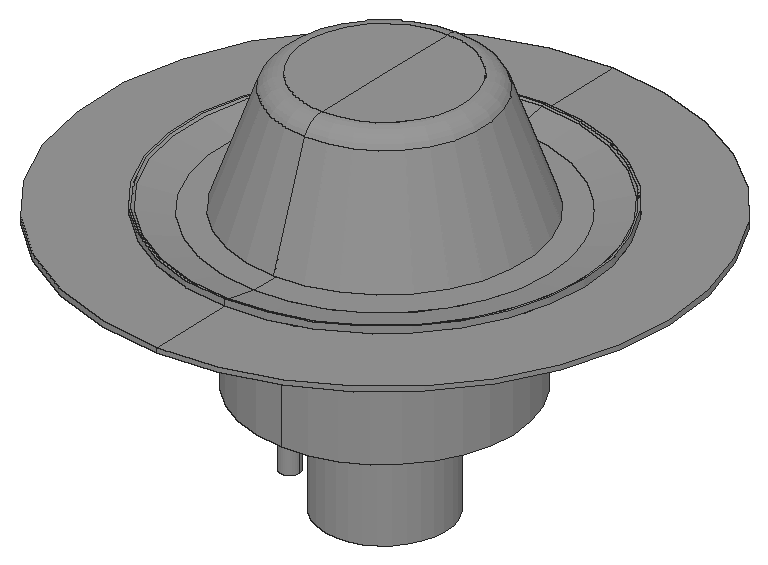
Revit family "HL_RU_Roof drain_HL62.1-B-221103", category Sanitärinstallationen, Revit 2020
Family settings
  Bemaßung runder Anschluss = Durchmesser verwenden
  Teiletyp = Normal
  OmniClass-Nummer = 23.70.50.21.24.14
  OmniClass-Titel = Deck Waste Water Drains
  Arbeitsebenenbasiert = Nein
  Immer vertikal = Ja
  Beim Laden mit Abzugskörper schneiden = Nein
  Gemeinsam genutzt = Nein
  Raumberechnungspunkt = Ja
Parameters (values of type "HL_Кровельная воронка_HL62.1_7")
  РЕШЁТКА = "Laubfangkorb d 145 mm"
  РАЗМЕР = "DN75"
  ПРОПУСКНАЯ СПОСОБНОСТЬ [instance] = 0.0 L/s
  ПРОИЗВОДИТЕЛЬНОСТЬ = "9,9 l/s"
  ПРАВОВАЯ ИНФОРМАЦИЯ = "Авторские права(©), права на дизайн или какие либо другие права интелектуальной собственности являются исключительной собственностью компании HL Hutterer & Lechner. Изменению не подлежит. Файл семейства с данными о прозводителе изделия защищен паролем с водяным знаком."
  НОМИНАЛЬНЫЙ ДИАМЕТР = 75 mm
  МАТЕРИАЛ = "PP"
  ВЫСОТА МОНТАЖА = "100 mm"
  ВЕС = "1,65 [kg]"
  Vorgabe-Ansicht = 0 mm
  Hersteller = "HL Hutterer & Lechner GmbH"  # constant formula
  URL = "http://www.hutterer-lechner.com/ru/products/catalog/roof-drains/HL62.1/7.aspx"
  Материал плитка [instance] = none
  Lüftungsverbindung = no
  Abwasserrohrverbindung = yes
  HW-Verbindung = no
  KW-Verbindung = no
  Beschreibung = "Кровельные воронки"
  Model = "HL62.1_7"
  Assembly Code = " "
  Typenkommentare = "HL62.1/7 Кровельная воронка DN75 с зажимным элементом и подогревом (10_30Вт/230В).,"
  Keynote = "HL62.1_7"
  Bысота монтажа [instance] = 0 mm
  G [instance] = 180.00°  # constant formula
  EAN = "9003076832620"
  D [instance] = 67 mm + Bысота монтажа  # 67 mm
  C [instance] = if(Bысота монтажа - 68 mm < 0 mm, 0 mm, Bысота монтажа - 68 mm)  # 0 mm
  B [instance] = 100 mm  # constant formula
  A [instance] = if(B - 100 mm > 15 mm, B - 100 mm, 15 mm)  # 15 mm
Types (5, lengths in mm): name | РАЗМЕР | ПРОИЗВОДИТЕЛЬНОСТЬ | НОМИНАЛЬНЫЙ ДИАМЕТР | ВЕС | URL | Model | Typenkommentare | Keynote | EAN
  (no name) | "DN75" | "9,9 l/s" | 75 | "1,65 [kg]" | "http://www.hutterer-lechner.com/ru/products/catalog/roof-drains/HL62.1/7.aspx" | "HL62.1_7" | "HL62.1/7 Кровельная воронка DN75 с зажимным элементом и подогревом (10_30Вт/230В).," | "HL62.1_7" | "9003076832620"
  HL_Кровельная воронка_HL62.1_1 | "DN110" | "10,7 l/s" | 110 | "1,63 [kg]" | "http://www.hutterer-lechner.com/ru/products/catalog/roof-drains/HL62.1/1.aspx" | "HL62.1_1" | "HL62.1/1 Кровельная воронка DN110 с зажимным элементом и подогревом (10_30Вт/230В).," | "HL62.1_1" | "9003076802623"
  HL_Кровельная воронка_HL62.1_2 | "DN125" | "14,0 l/s" | 125 | "1,62 [kg]" | "http://www.hutterer-lechner.com/ru/products/catalog/roof-drains/HL62.1/2.aspx" | "HL62.1_2" | "HL62.1/2 Кровельная воронка DN125 с зажимным элементом и подогревом (10_30Вт/230В).," | "HL62.1_2" | "9003076812622"
  HL_Кровельная воронка_HL62.1_5 | "DN160" | "14,1 l/s" | 160 | "1,66 [kg]" | "http://www.hutterer-lechner.com/ru/products/catalog/roof-drains/HL62.1/5.aspx" | "HL62.1_5" | "HL62.1/5 Кровельная воронка DN160 с зажимным элементом и подогревом (10_30Вт/230В).," | "HL62.1_5" | "9003076822621"
  HL_Кровельная воронка_HL62.1_7 | "DN75" | "9,9 l/s" | 75 | "1,65 [kg]" | "http://www.hutterer-lechner.com/ru/products/catalog/roof-drains/HL62.1/7.aspx" | "HL62.1_7" | "HL62.1/7 Кровельная воронка DN75 с зажимным элементом и подогревом (10_30Вт/230В).," | "HL62.1_7" | "9003076832620"
Reference planes
  plane 1 "Center (Front/Back)": y = 0
  plane 2: z = 0
  plane 3 "Center (Left/Right)": x = 0
  plane 4: z = -100
  plane 5: z = 0
Lines and regions (mm)
  model lines, style "InvisibleLines"
    curve 1: line (0, 0, 0) -> (0, 0, 20)
  model lines, style "PlumbingFixtures", detail levels coarse+medium
    curve 2: line (0, 0, -100) -> (0, 0, -85)
    curve 3: line (0, 0, -85) -> (-85, 0, 0)
    curve 4: line (0, 0, -85) -> (85, 0, 0)
    curve 6: line (0, 0, -100) -> (0, 0, -167)
  reference lines, not visible
    curve 5: line (0, 0, -100) -> (0, 0, -167)
  symbolic lines, style "PlumbingFixtures", detail levels coarse+medium
    curve 7: line (-75, 75, 0) -> (75, 75, 0)
    curve 8: line (-75, -75, 0) -> (-75, 75, 0)
    curve 9: line (75, -75, 0) -> (-75, -75, 0)
    curve 10: line (75, 75, 0) -> (75, -75, 0)
    curve 11: line (-75, 75, 0) -> (-145.711, 145.711, 0)
    curve 12: line (75, 75, 0) -> (145.711, 145.711, 0)
    curve 13: line (-75, -75, 0) -> (-145.711, -145.711, 0)
    curve 14: line (75, -75, 0) -> (145.711, -145.711, 0)
  symbolic lines, style "PlumbingFixtures", not visible, detail levels coarse+medium
    curve 15: line (-75, 75, 0) -> (75, 75, 0)
    curve 16: line (-75, -75, 0) -> (-75, 75, 0)
    curve 17: line (75, -75, 0) -> (-75, -75, 0)
    curve 18: line (75, 75, 0) -> (75, -75, 0)
    curve 19: line (-75, 75, 0) -> (-145.711, 145.711, 0)
    curve 20: line (75, 75, 0) -> (145.711, 145.711, 0)
    curve 21: line (-75, -75, 0) -> (-145.711, -145.711, 0)
    curve 22: line (75, -75, 0) -> (145.711, -145.711, 0)
Text (mm)
  text "FLOOR" at (-162.344, 0, -10.979), in view "Drain Construction View"
Dimensions and locks
  "B": plane 2 to plane 4
  "Bысота монтажа": plane 2 to plane 5
  "A": curve 4 to plane 4
  "D": curve 5 to curve 5
  "D": curve 6 to curve 6
  locked: curve 4 to plane 3 "Center (Left/Right)" (angle 45.00°)
  locked: plane 3 "Center (Left/Right)" to curve 3 (angle 45.00°)
  "G": angle curve 5 to plane 3 "Center (Left/Right)"
  aligned and locked: level to plane 2
  aligned and locked: plane 2 to curve 4
  aligned and locked: plane 2 to curve 3
  aligned and locked: plane 4 to curve 5
  aligned and locked: plane 3 "Center (Left/Right)" to curve 5
  aligned and locked: plane 4 to curve 2
  aligned and locked: curve 6 to plane 3 "Center (Left/Right)"
  aligned and locked: curve 6 to plane 4
  aligned and locked: plane 5 to nested 1
  aligned and locked: nested 1 to plane 3 "Center (Left/Right)"
  aligned and locked: plane 2 to nested 2
  aligned and locked: plane 3 "Center (Left/Right)" to nested 2
Automatic sketch dimensions
  curve 2 to plane 3 "Center (Left/Right)" = 0 mm
  curve 1 to plane 3 "Center (Left/Right)" = 0 mm
  curve 1 to level = 0 mm
  level to curve 1 = 20 mm
Nested families
  nested 1: "HL_кровельные воронки - корпус_HL62.1" at (0, 0, 0), НОМИНАЛЬНЫЙ ДИАМЕТР <- "НОМИНАЛЬНЫЙ ДИАМЕТР", type "HL_кровельные воронки - корпус_HL62.1"
    with НОМИНАЛЬНЫЙ ДИАМЕТР 75 mm, OOD 58.75 mm
  nested 2: "HL_Вспомогательные материалы-Противопожарная защита_HL062.1E" at (0, 0, 0), type "HL_Вспомогательные материалы-Противопожарная защита_HL062.1E"
Connectors
  piping at (0, 0, -167), diameter 75, driven by "ПРОПУСКНАЯ СПОСОБНОСТЬ", driven by "НОМИНАЛЬНЫЙ ДИАМЕТР"
    settings: on curve 5, index 1, connector inside diameter 609.6 mm, connector length 0 mm, flow factor 0, pipe flow 0.0 L/s, pressure drop 0.0 Pa, fitting loss kfactor 0, connector angle 0.00°, fixture units 0, engagement length 0 mm, angle of deflection 0.00°, flow configuration 1, flow direction 2, fitting loss method 0, system type 16, joint type 0, gender type 0, connector reference index -1, connector utility 0, adjustable connector yes, is connector primary yes, connector description ""
Definition of nested family "HL_кровельные воронки - корпус_HL62.1"
  Parameters (values of type "HL_кровельные воронки - корпус_HL62.1")
    НОМИНАЛЬНЫЙ ДИАМЕТР [instance] = 160 mm
    Default Elevation = 0 mm
    Manufacturer = ""
    URL = ""
    Description = ""
    OOD [instance] = if((80 mm - НОМИНАЛЬНЫЙ ДИАМЕТР / 2) / 2 + НОМИНАЛЬНЫЙ ДИАМЕТР / 2 > 75 mm, 100 mm, (80 mm - НОМИНАЛЬНЫЙ ДИАМЕТР / 2) / 2 + НОМИНАЛЬНЫЙ ДИАМЕТР / 2)  # 100 mm
    Model = ""
    Type Comments = ""
    Cost = 0
  Reference planes
    plane 1 "Střed (vpředu/vzadu)": y = 0
    plane 2: z = 0
    plane 3 "Střed (vlevo/vpravo)": x = 0
  Forms (mm)
    Revolve 1, solid, detail levels fine
      sketch origin (0, 0, 0) x (0, 1, 0) y (0, 0, 1)
        loop
          line (177, -3) -> (177, 0) -> (124.39, 0) -> (112.255, 0) -> (101.905, -2.2) -> (79.004, -2.2) -> (79.004, -22.024) -> (74.451, -22.024) -> (74.451, -35.37) -> (0, -35.37) -> (0, -97.967) -> (79.982, -97.967) -> (79.982, -31.54) -> (86.489, -31.54) -> (86.489, -28.04) -> (101.489, -28.04) -> (101.489, -13.704) -> (130.898, -3) -> (177, -3)
        axis (0, 0) -> (0, -97.967)
      angle from 0 to 360
    Revolve 2, solid, detail levels fine
      sketch origin (0, 0, 0) x (0, 1, 0) y (0, 0, 1)
        loop
          line (124.39, 0) -> (124.39, 4) -> (123.297, 4) -> (122.033, 3.115) -> (101.733, -1.2) -> (79.004, -1.2) -> (79.004, -2.2) -> (101.905, -2.2) -> (112.255, 0) -> (124.39, 0)
        axis (0, 4) -> (0, -2.2)
      angle from 0 to 360
    Extrusion 3, solid, detail levels fine
      sketch origin (0, 0, 0) x (0.707107, 0.707107, 0) y (-0.707107, 0.707107, 0)
        loop
          circle (0, 0) r 80
      from -167 to -97.967
    Sweep 4, solid, detail levels fine
      path origin (-100, 0, -67.213) x (0, 0, -1) y (1, 0, 0)
        loop
          line (98.966, 0) -> (27.716, 0)
          arc (27.716, 0) -> (15.095, 5.228) -> (9.868, 17.848) r 17.848
          line (9.868, 17.848) -> (9.868, 35)
      profile origin (-100, 0, -130.554) x (-1, 0, 0) y (0, -1, 0)
        loop
          circle (0, 0) r 5.8
  Lines and regions (mm)
    reference lines
      curve 1: line (-100, 0, -67.213) -> (-100, 0, -292.213)
  Dimensions and locks
    "OOD": curve 1 to plane 3 "Střed (vlevo/vpravo)"
    "НОМИНАЛЬНЫЙ ДИАМЕТР": diameter of Extrusion 3 sketch curve
    aligned and locked: level to plane 2
  Automatic sketch dimensions
    Revolve 2 sketch curve to plane 1 "Střed (vpředu/vzadu)" = 0 mm
    level to Revolve 2 sketch curve = 0 mm
    Revolve 2 sketch curve to level = 1.2 mm
    Revolve 2 sketch curve to plane 1 "Střed (vpředu/vzadu)" = 79.004 mm
    Revolve 2 sketch curve to Revolve 2 sketch curve = 22.729 mm
    Revolve 2 sketch curve to level = 2.2 mm
    Revolve 2 sketch curve to Revolve 2 sketch curve = 0.172 mm
    Revolve 2 sketch curve to Revolve 2 sketch curve = 10.35 mm
    level to Revolve 2 sketch curve = 3.115 mm
    Revolve 2 sketch curve to Revolve 2 sketch curve = 9.777 mm
    Revolve 2 sketch curve to Revolve 2 sketch curve = 1.264 mm
    Revolve 2 sketch curve to Revolve 2 sketch curve = 1.093 mm
    Revolve 2 sketch curve to Revolve 2 sketch curve = 0.885 mm
    Revolve 2 sketch curve to level = 66.573 mm
    level to Revolve 2 sketch curve = 22.174 mm
    Revolve 1 sketch curve to plane 1 "Střed (vpředu/vzadu)" = 0 mm  (x2)
    level to Revolve 1 sketch curve = 0 mm
    Revolve 1 sketch curve to Revolve 1 sketch curve = 74.451 mm
    Revolve 1 sketch curve to Revolve 1 sketch curve = 4.553 mm
    Revolve 1 sketch curve to Revolve 1 sketch curve = 6.507 mm
    Revolve 1 sketch curve to Revolve 1 sketch curve = 15 mm
    Revolve 1 sketch curve to level = 2.2 mm
    Revolve 1 sketch curve to Revolve 1 sketch curve = 0.416 mm
    Revolve 1 sketch curve to Revolve 1 sketch curve = 10.35 mm
    Revolve 1 sketch curve to Revolve 1 sketch curve = 12.135 mm
    Revolve 1 sketch curve to level = 3 mm
    Revolve 1 sketch curve to Revolve 1 sketch curve = 6.508 mm
    Revolve 1 sketch curve to Revolve 1 sketch curve = 46.102 mm
    Revolve 1 sketch curve to Revolve 1 sketch curve = 11.504 mm
    Revolve 1 sketch curve to Revolve 1 sketch curve = 19.824 mm
    Revolve 1 sketch curve to Revolve 1 sketch curve = 14.336 mm
    Revolve 1 sketch curve to Revolve 1 sketch curve = 3.5 mm
    level to Revolve 1 sketch curve = 30 mm
    Revolve 1 sketch curve to Revolve 1 sketch curve = 270 mm
    Revolve 1 sketch curve to Revolve 1 sketch curve = 5.531 mm
    Revolve 1 sketch curve to Revolve 1 sketch curve = 3.83 mm
    Revolve 1 sketch curve to Revolve 1 sketch curve = 62.597 mm
    plane 1 "Střed (vpředu/vzadu)" to Sweep 4 sketch curve = 0 mm
    Sweep 4 sketch curve to profile plane = 0 mm
    curve 1 to Sweep 4 sketch curve = 0 mm
    curve 1 to Sweep 4 sketch curve = 9.868 mm
    Sweep 4 sketch curve to Sweep 4 sketch curve = 17.848 mm
    Sweep 4 sketch curve to Sweep 4 sketch curve = 71.25 mm
    curve 1 to Sweep 4 sketch curve = 35 mm
    curve 1 to level = 292.213 mm
    curve 1 to level = 67.213 mm
    plane 1 "Střed (vpředu/vzadu)" to Extrusion 3 sketch curve = 0 mm
    Extrusion 3 sketch curve to plane 3 "Střed (vlevo/vpravo)" = 0 mm
    radius of Sweep 4 sketch curve = 5.8 mm
Definition of nested family "HL_Вспомогательные материалы-Противопожарная защита_HL062.1E"
  Parameters
    ПРАВОВАЯ ИНФОРМАЦИЯ = ""
    ВЕС = "0,097 [kg]"
    Default Elevation = 0 mm
    Manufacturer = ""
    URL = ""
    Материал плитка = none
    Description = ""
    Model = ""
    Type Comments = "HL062.1E, domed plastic grate"
    Keynote = ""
    Пропускная способность [instance] = 0.0 L/s
    EAN = "9003076006212"
    Cost = 0
  Types (2, lengths in mm): name | ПРАВОВАЯ ИНФОРМАЦИЯ | Manufacturer | URL | Description | Model | Type Comments | Keynote
    (no name) | "" | "" | "" | "" | "" | "HL062.1E, domed plastic grate" | ""
    HL_Вспомогательные материалы-Противопожарная защита_HL062.1E | "Авторские права(©), права на дизайн или какие либо другие права интелектуальной собственности являются исключительной собственностью компании HL Hutterer & Lechner. Изменению не подлежит. Файл семейства с данными о прозводителе изделия защищен паролем с водяным знаком." | "HL Hutterer & Lechner GmbH" | "http://www.hutterer-lechner.com/ru/products/catalog/roof-drains/HL062.1E.aspx" | "Кровельные воронки" | "HL062.1E" | "HL062.1E, Листвоуловитель" | "HL062.1E"
  Reference planes
    plane 1 "Střed (vpředu/vzadu)": y = 0
    plane 2: z = 0
    plane 3 "Střed (vlevo/vpravo)": x = 0
  Forms (mm)
    Revolve 1, solid, detail levels fine
      sketch origin (0, 0, 0) x (0, 1, 0) y (0, 0, 1)
        loop
          line (0, 75) -> (0, 60.2) -> (47.074, 60.2) -> (68.985, 0) -> (86.249, 0) -> (61.992, 66.646)
          arc (61.992, 66.646) -> (56.733, 72.731) -> (49.016, 75) r 14.255
          line (49.016, 75) -> (0, 75)
        axis (0, 75) -> (0, 0)
      angle from 0 to 360
    Extrusion 2, solid, detail levels fine
      sketch origin (0, 0, 0) x (0, 1, 0) y (1, 0, 0)
        loop
          circle (0, 0) r 78.587
        loop
          circle (0, 0) r 70.981
      from 0 to 16.7
    Extrusion 3, solid, detail levels fine
      sketch origin (0, 0, -16.7) x (-1, 0, 0) y (0, 1, 0)
        loop
          circle (0, 0) r 70
        loop
          circle (0, 0) r 74.546
      from 0 to 12.3
  Dimensions and locks
    aligned and locked: level to plane 2
